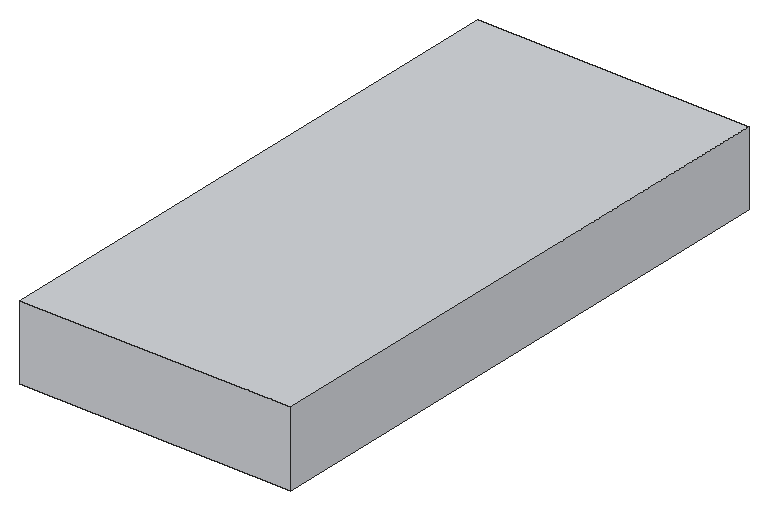
Revit family "LE Bed", category Furniture, Revit 2018
Family settings
  OmniClass Number = 23.40.20.00
  OmniClass Title = General Furniture and Specialties
  Work Plane-Based = No
  Always vertical = Yes
  Cut with Voids When Loaded = No
  Shared = No
  Room Calculation Point = No
Parameters (values of type "900x1900mm Single")
  Width = 900 mm
  URL = "https://studiole.uk"
  Manufacturer = "LE"
  Length = 1900 mm
  Height = 250 mm
  Double = no
  Circulation Right [instance] = yes
  Circulation Foot [instance] = yes
  Circulation Space = 750 mm
  Circulation Left [instance] = no
  Bed Frame Material = none
Types (4, lengths in mm): name | Width | Length | Double | Circulation Left
  (no name) | 900 | 1900 | no | no
  1350x1900mm Standard Double | 1350 | 1900 | yes | yes
  1500x2000mm King Double | 1500 | 2000 | yes | yes
  900x1900mm Single | 900 | 1900 | no | no
Reference planes
  plane 1 "Center (Front/Back)": y = 0
  plane 2: z = 0
  plane 3 "Center (Left/Right)": x = 0
  plane 4 "Left": x = -450
  plane 5 "Right": x = 450
  plane 6 "Foot": y = -950
  plane 7 "Head": y = 950
  plane 8: x = -1200
  plane 9: x = 1200
  plane 10 "Foot Circulation": y = -1700
  plane 11 "Height": z = 250
Forms (mm)
  Extrusion 1, solid, material <- "Bed Frame Material"
    sketch origin (0, 0, 0) x (1, 0, 0) y (0, 1, 0)
      loop
        line (-450, 950) -> (-450, -950) -> (450, -950) -> (450, 950) -> (-450, 950)
    from 0 to 250 <- "Height"
Lines and regions (mm)
  model lines, style "FurnitureHiddenLines", visible <- "Circulation Left"
    curve 1: line (-1200, 950, 0) -> (-1200, -950, 0)
    curve 11: arc (-1200, -950, 0) -> (-980.33, -1480.33, 0) -> (-450, -1700, 0) r 750
  model lines, style "FurnitureHiddenLines", visible <- "Circulation Right"
    curve 2: line (1200, 950, 0) -> (1200, -950, 0)
    curve 12: arc (450, -1700, 0) -> (980.33, -1480.33, 0) -> (1200, -950, 0) r 750
  model lines, style "FurnitureHiddenLines", visible <- "Circulation Foot"
    curve 3: line (-450, -1700, 0) -> (450, -1700, 0)
  model lines
    curve 4: line (-450, 490, 250) -> (450, 490, 250)
    curve 5: line (-450, 0, 250) -> (0, 490, 250)
    curve 6: line (-375, 565, 250) -> (375, 565, 250)
    curve 7: line (-375, 875, 250) -> (-375, 565, 250)
    curve 8: line (375, 875, 250) -> (-375, 875, 250)
    curve 9: line (375, 565, 250) -> (375, 875, 250)
  model lines, visible <- "Double"
    curve 10: line (0, 875, 250) -> (0, 565, 250)
Dimensions and locks
  "Length": plane 7 "Head" to plane 6 "Foot"
  equal spacing: plane 7 "Head", plane 1 "Center (Front/Back)", plane 6 "Foot"
  "Width": plane 4 "Left" to plane 5 "Right"
  equal spacing: plane 4 "Left", plane 3 "Center (Left/Right)", plane 5 "Right"
  "Circulation Space": plane 8 to plane 4 "Left"
  "Circulation Space": plane 5 "Right" to plane 9
  "Circulation Space": plane 6 "Foot" to plane 10 "Foot Circulation"
  curve 4 to Extrusion 1 = 460 mm
  curve 9 to Extrusion 1 = 75 mm
  Extrusion 1 to curve 7 = 75 mm
  Extrusion 1 to curve 8 = 75 mm
  curve 4 to curve 6 = 75 mm
  "Height": plane 11 "Height" to plane 2
  aligned and locked: level to plane 2
Automatic sketch dimensions
  Extrusion 1 sketch curve to plane 4 "Left" = 0 mm
  Extrusion 1 sketch curve to plane 5 "Right" = 0 mm
  Extrusion 1 sketch curve to plane 6 "Foot" = 0 mm
  Extrusion 1 sketch curve to plane 7 "Head" = 0 mm
  curve 1 to plane 8 = 0 mm
  curve 11 to plane 4 "Left" = 0 mm
  curve 3 to plane 5 "Right" = 0 mm
  curve 2 to plane 7 "Head" = 0 mm
  curve 2 to plane 9 = 0 mm
  curve 2 to plane 6 "Foot" = 0 mm
  curve 1 to plane 7 "Head" = 0 mm
  curve 4 to plane 5 "Right" = 0 mm
  curve 4 to plane 4 "Left" = 0 mm
  plane 1 "Center (Front/Back)" to curve 5 = 0 mm
  curve 5 to plane 3 "Center (Left/Right)" = 0 mm
  curve 5 to plane 4 "Left" = 0 mm
  curve 10 to plane 3 "Center (Left/Right)" = 0 mm
